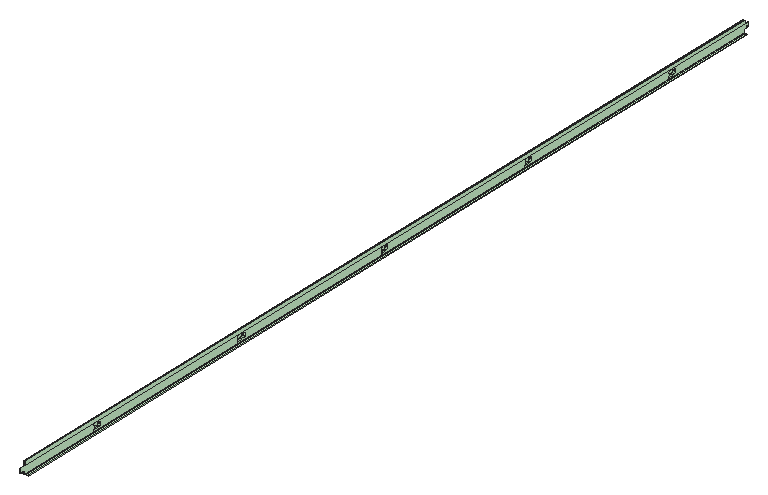
Revit family "et4025_main_640", category 機械設備, Revit 2022
Family settings
  丸型コネクタ寸法 = 直径を使用
  種別 = なし
  パーツ タイプ = 標準
  作業面ベース = いいえ
  常に垂直 = はい
  ロード時にボイドで切り取り = いいえ
  注釈の向きを維持 = いいえ
  共有 = いいえ
  部屋計算ポイント = いいえ
Parameters
  製造元 = "株式会社桐井製作所"
  既定の高さ = 0 mm
  URL = "https://www.kirii.co.jp/"
  K_長さ(mm) = 3200 mm
  K_材質 = "溶融亜鉛めっき鋼板及び鋼帯SGCC 一般用　カラー鋼板"
  K_品名 = "eTバー4025メイン(640グリッド用)"
  K_名称 = "Tバー"
  K_入数 = "20"
  K_バージョン情報 = "20220915"
  K_めっき付着量 = "JIS G 3302 Z12、カラー鋼板　塗装膜厚20μ(白色)"
  K_JIS規格 = "JIS G 3302"
Reference planes
  plane 1 "中心(正面/背面)": y = 0
  plane 2: z = 0
  plane 3 "中心(左/右)": x = 0
  plane 4: y = 3200
Forms (mm)
  Extrusion 1, solid
    sketch origin (0, 0, 7.1) x (-1, 0, 0) y (0, 0, 1)
      loop
        line (12.507, -7.1) -> (12.507, -5.1) -> (8.507, -5.1) -> (8.507, -5.9) -> (3.507, -5.9) -> (3.507, -4.3) -> (2.492, -4.3) -> (2.492, -5.1) -> (0.657, -5.1) -> (0.657, 26.3) -> (2.407, 24.9) -> (3.507, 24.9) -> (3.507, 34.9) -> (1.41, 34.9) -> (1.41, 33.4) -> (2.21, 33.4) -> (2.149, 29.141) -> (1.066, 28.059) -> (-0.91, 28) -> (-2.134, 29.141) -> (-2.195, 33.4) -> (-1.41, 33.4) -> (-1.41, 34.9) -> (-3.493, 34.9) -> (-3.493, 24.9) -> (-2.393, 24.9) -> (-0.643, 26.3) -> (-0.643, -5.1) -> (-2.492, -5.1) -> (-2.492, -4.3) -> (-3.493, -4.3) -> (-3.493, -5.9) -> (-8.493, -5.9) -> (-8.493, -5.1) -> (-12.493, -5.1) -> (-12.493, -7.1) -> (12.507, -7.1)
    from 0 to 3200
  Extrusion 2, solid
    sketch origin (0.4, 0, 30.6) x (0, 0, -1) y (0, 1, 0)
      loop
        line (3.661, 0) -> (3.661, -19.4)
        arc (3.661, -19.4) -> (3.954, -20.107) -> (4.661, -20.4) r 1
        line (4.661, -20.4) -> (16.783, -20.4)
        arc (16.783, -20.4) -> (17.49, -20.107) -> (17.783, -19.4) r 1
        line (17.783, -19.4) -> (17.783, 0) -> (17.783, 21.201) -> (3.661, 21.201) -> (3.661, 0)
    from -1.057 to 0.243
  Extrusion 3, void
    sketch origin (0.4, 0, 38.1) x (0, 0, 1) y (0, 1, 0)
      loop
        line (-17.561, -16.4) -> (-17.561, -9.2) -> (-22.361, -9.2) -> (-22.361, -16.4) -> (-17.561, -16.4)
    from -0.243 to 1.057
  Extrusion 4, void
    sketch origin (0.4, 20, 31.225) x (0, 0, 1) y (0, 1, 0)
      loop
        line (-5.5, 284.4) -> (-5.5, 315.6) -> (-23.1, 315.6) -> (-23.1, 284.4) -> (-5.5, 284.4)
    from -0.243 to 1.057
  Extrusion 5, void
    sketch origin (0.4, 660, 31.225) x (0, 0, 1) y (0, 1, 0)
      loop
        line (-5.5, 284.4) -> (-5.5, 315.6) -> (-23.1, 315.6) -> (-23.1, 284.4) -> (-5.5, 284.4)
    from -0.243 to 1.057
  Extrusion 6, void
    sketch origin (0.4, 1300, 31.225) x (0, 0, 1) y (0, 1, 0)
      loop
        line (-5.5, 284.4) -> (-5.5, 315.6) -> (-23.1, 315.6) -> (-23.1, 284.4) -> (-5.5, 284.4)
    from -0.243 to 1.057
  Extrusion 7, void
    sketch origin (0.4, 1940, 31.225) x (0, 0, 1) y (0, 1, 0)
      loop
        line (-5.5, 284.4) -> (-5.5, 315.6) -> (-23.1, 315.6) -> (-23.1, 284.4) -> (-5.5, 284.4)
    from -0.243 to 1.057
  Extrusion 8, void
    sketch origin (0.4, 2580, 31.225) x (0, 0, 1) y (0, 1, 0)
      loop
        line (-5.5, 284.4) -> (-5.5, 315.6) -> (-23.1, 315.6) -> (-23.1, 284.4) -> (-5.5, 284.4)
    from -0.243 to 1.057
  Extrusion 9, void
    sketch origin (0.4, 3199.987, 39.236) x (0, 0, 1) y (0, 1, 0)
      loop
        line (-17.561, 16.4) -> (-22.361, 16.4) -> (-22.361, 9.2) -> (-17.561, 9.2) -> (-17.561, 16.4)
    from -0.243 to 1.057
  Extrusion 10, solid
    sketch origin (0.4, 3199.855, 31.722) x (0, 0, -1) y (0, 1, 0)
      loop
        line (3.661, 0) -> (3.661, -21.201) -> (17.783, -21.201) -> (17.783, 0) -> (17.783, 19.4)
        arc (17.783, 19.4) -> (17.49, 20.107) -> (16.783, 20.4) r 1
        line (16.783, 20.4) -> (4.661, 20.4)
        arc (4.661, 20.4) -> (3.954, 20.107) -> (3.661, 19.4) r 1
        line (3.661, 19.4) -> (3.661, 0)
    from -1.057 to 0.243
  Extrusion 11, void
    sketch origin (0.385, 38.192, 31.538) x (0, 0, 1) y (0, 1, 0)
      loop
        line (-19.9, 284.4) -> (-8.7, 284.4)
        arc (-8.7, 284.4) -> (-14.3, 287.9) -> (-19.9, 284.4) r 6.23
      loop
        line (-8.7, 297.4) -> (-19.9, 297.4)
        arc (-19.9, 297.4) -> (-14.3, 293.9) -> (-8.7, 297.4) r 6.23
    from 1.2 to 3.447
  Extrusion 12, solid
    sketch origin (0.066, 38.2, -7.135) x (1, 0, 0) y (0, 0, 1)
      loop
        line (-0.387, 33.66) -> (-2.087, 33.66) -> (-2.087, 26.56)
        arc (-2.087, 26.56) -> (-3.087, 24.26) -> (-2.088, 21.96) r 3.145
        line (-2.088, 21.96) -> (-2.087, 14.46) -> (-0.387, 14.46) -> (-0.387, 15.26) -> (-1.487, 15.26) -> (-1.487, 22.238)
        arc (-1.487, 22.238) -> (-2.487, 24.267) -> (-1.476, 26.291) r 2.545
        line (-1.476, 26.291) -> (-1.476, 32.86) -> (-0.387, 32.86) -> (-0.387, 33.66)
    from -297.4 to -284.4
  Extrusion 13, void
    sketch origin (-0.415, 19.992, 31.538) x (0, 0, 1) y (0, -1, 0)
      loop
        arc (-19.9, -284.4) -> (-14.3, -287.9) -> (-8.7, -284.4) r 6.23
        line (-8.7, -284.4) -> (-19.9, -284.4)
      loop
        arc (-8.7, -297.4) -> (-14.3, -293.9) -> (-19.9, -297.4) r 6.23
        line (-19.9, -297.4) -> (-8.7, -297.4)
    from 1.2 to 3.447
  Extrusion 14, solid
    sketch origin (-0.096, 20, -7.135) x (-1, 0, 0) y (0, 0, -1)
      loop
        line (-0.387, -33.66) -> (-0.387, -32.86) -> (-1.476, -32.86) -> (-1.476, -26.291)
        arc (-1.476, -26.291) -> (-2.487, -24.267) -> (-1.487, -22.238) r 2.545
        line (-1.487, -22.238) -> (-1.487, -15.26) -> (-0.387, -15.26) -> (-0.387, -14.46) -> (-2.087, -14.46) -> (-2.088, -21.96)
        arc (-2.088, -21.96) -> (-3.087, -24.26) -> (-2.087, -26.56) r 3.145
        line (-2.087, -26.56) -> (-2.087, -33.66) -> (-0.387, -33.66)
    from -297.4 to -284.4
  Extrusion 15, void
    sketch origin (0.385, 678.192, 31.538) x (0, 0, 1) y (0, 1, 0)
      loop
        line (-19.9, 284.4) -> (-8.7, 284.4)
        arc (-8.7, 284.4) -> (-14.3, 287.9) -> (-19.9, 284.4) r 6.23
      loop
        line (-8.7, 297.4) -> (-19.9, 297.4)
        arc (-19.9, 297.4) -> (-14.3, 293.9) -> (-8.7, 297.4) r 6.23
    from 1.2 to 3.447
  Extrusion 16, solid
    sketch origin (0.066, 678.2, -7.135) x (1, 0, 0) y (0, 0, 1)
      loop
        line (-0.387, 33.66) -> (-2.087, 33.66) -> (-2.087, 26.56)
        arc (-2.087, 26.56) -> (-3.087, 24.26) -> (-2.088, 21.96) r 3.145
        line (-2.088, 21.96) -> (-2.087, 14.46) -> (-0.387, 14.46) -> (-0.387, 15.26) -> (-1.487, 15.26) -> (-1.487, 22.238)
        arc (-1.487, 22.238) -> (-2.487, 24.267) -> (-1.476, 26.291) r 2.545
        line (-1.476, 26.291) -> (-1.476, 32.86) -> (-0.387, 32.86) -> (-0.387, 33.66)
    from -297.4 to -284.4
  Extrusion 17, void
    sketch origin (-0.415, 659.992, 31.538) x (0, 0, 1) y (0, -1, 0)
      loop
        arc (-19.9, -284.4) -> (-14.3, -287.9) -> (-8.7, -284.4) r 6.23
        line (-8.7, -284.4) -> (-19.9, -284.4)
      loop
        arc (-8.7, -297.4) -> (-14.3, -293.9) -> (-19.9, -297.4) r 6.23
        line (-19.9, -297.4) -> (-8.7, -297.4)
    from 1.2 to 3.447
  Extrusion 18, solid
    sketch origin (-0.096, 660, -7.135) x (-1, 0, 0) y (0, 0, -1)
      loop
        line (-0.387, -33.66) -> (-0.387, -32.86) -> (-1.476, -32.86) -> (-1.476, -26.291)
        arc (-1.476, -26.291) -> (-2.487, -24.267) -> (-1.487, -22.238) r 2.545
        line (-1.487, -22.238) -> (-1.487, -15.26) -> (-0.387, -15.26) -> (-0.387, -14.46) -> (-2.087, -14.46) -> (-2.088, -21.96)
        arc (-2.088, -21.96) -> (-3.087, -24.26) -> (-2.087, -26.56) r 3.145
        line (-2.087, -26.56) -> (-2.087, -33.66) -> (-0.387, -33.66)
    from -297.4 to -284.4
  Extrusion 19, void
    sketch origin (0.385, 1318.192, 31.538) x (0, 0, 1) y (0, 1, 0)
      loop
        line (-19.9, 284.4) -> (-8.7, 284.4)
        arc (-8.7, 284.4) -> (-14.3, 287.9) -> (-19.9, 284.4) r 6.23
      loop
        line (-8.7, 297.4) -> (-19.9, 297.4)
        arc (-19.9, 297.4) -> (-14.3, 293.9) -> (-8.7, 297.4) r 6.23
    from 1.2 to 3.447
  Extrusion 20, solid
    sketch origin (0.066, 1318.2, -7.135) x (1, 0, 0) y (0, 0, 1)
      loop
        line (-0.387, 33.66) -> (-2.087, 33.66) -> (-2.087, 26.56)
        arc (-2.087, 26.56) -> (-3.087, 24.26) -> (-2.088, 21.96) r 3.145
        line (-2.088, 21.96) -> (-2.087, 14.46) -> (-0.387, 14.46) -> (-0.387, 15.26) -> (-1.487, 15.26) -> (-1.487, 22.238)
        arc (-1.487, 22.238) -> (-2.487, 24.267) -> (-1.476, 26.291) r 2.545
        line (-1.476, 26.291) -> (-1.476, 32.86) -> (-0.387, 32.86) -> (-0.387, 33.66)
    from -297.4 to -284.4
  Extrusion 21, void
    sketch origin (-0.415, 1299.992, 31.538) x (0, 0, 1) y (0, -1, 0)
      loop
        arc (-19.9, -284.4) -> (-14.3, -287.9) -> (-8.7, -284.4) r 6.23
        line (-8.7, -284.4) -> (-19.9, -284.4)
      loop
        arc (-8.7, -297.4) -> (-14.3, -293.9) -> (-19.9, -297.4) r 6.23
        line (-19.9, -297.4) -> (-8.7, -297.4)
    from 1.2 to 3.447
  Extrusion 22, solid
    sketch origin (-0.096, 1300, -7.135) x (-1, 0, 0) y (0, 0, -1)
      loop
        line (-0.387, -33.66) -> (-0.387, -32.86) -> (-1.476, -32.86) -> (-1.476, -26.291)
        arc (-1.476, -26.291) -> (-2.487, -24.267) -> (-1.487, -22.238) r 2.545
        line (-1.487, -22.238) -> (-1.487, -15.26) -> (-0.387, -15.26) -> (-0.387, -14.46) -> (-2.087, -14.46) -> (-2.088, -21.96)
        arc (-2.088, -21.96) -> (-3.087, -24.26) -> (-2.087, -26.56) r 3.145
        line (-2.087, -26.56) -> (-2.087, -33.66) -> (-0.387, -33.66)
    from -297.4 to -284.4
  Extrusion 23, void
    sketch origin (0.385, 1958.192, 31.538) x (0, 0, 1) y (0, 1, 0)
      loop
        line (-19.9, 284.4) -> (-8.7, 284.4)
        arc (-8.7, 284.4) -> (-14.3, 287.9) -> (-19.9, 284.4) r 6.23
      loop
        line (-8.7, 297.4) -> (-19.9, 297.4)
        arc (-19.9, 297.4) -> (-14.3, 293.9) -> (-8.7, 297.4) r 6.23
    from 1.2 to 3.447
  Extrusion 24, solid
    sketch origin (0.066, 1958.2, -7.135) x (1, 0, 0) y (0, 0, 1)
      loop
        line (-0.387, 33.66) -> (-2.087, 33.66) -> (-2.087, 26.56)
        arc (-2.087, 26.56) -> (-3.087, 24.26) -> (-2.088, 21.96) r 3.145
        line (-2.088, 21.96) -> (-2.087, 14.46) -> (-0.387, 14.46) -> (-0.387, 15.26) -> (-1.487, 15.26) -> (-1.487, 22.238)
        arc (-1.487, 22.238) -> (-2.487, 24.267) -> (-1.476, 26.291) r 2.545
        line (-1.476, 26.291) -> (-1.476, 32.86) -> (-0.387, 32.86) -> (-0.387, 33.66)
    from -297.4 to -284.4
  Extrusion 25, void
    sketch origin (-0.415, 1939.992, 31.538) x (0, 0, 1) y (0, -1, 0)
      loop
        arc (-19.9, -284.4) -> (-14.3, -287.9) -> (-8.7, -284.4) r 6.23
        line (-8.7, -284.4) -> (-19.9, -284.4)
      loop
        arc (-8.7, -297.4) -> (-14.3, -293.9) -> (-19.9, -297.4) r 6.23
        line (-19.9, -297.4) -> (-8.7, -297.4)
    from 1.2 to 3.447
  Extrusion 26, solid
    sketch origin (-0.096, 1940, -7.135) x (-1, 0, 0) y (0, 0, -1)
      loop
        line (-0.387, -33.66) -> (-0.387, -32.86) -> (-1.476, -32.86) -> (-1.476, -26.291)
        arc (-1.476, -26.291) -> (-2.487, -24.267) -> (-1.487, -22.238) r 2.545
        line (-1.487, -22.238) -> (-1.487, -15.26) -> (-0.387, -15.26) -> (-0.387, -14.46) -> (-2.087, -14.46) -> (-2.088, -21.96)
        arc (-2.088, -21.96) -> (-3.087, -24.26) -> (-2.087, -26.56) r 3.145
        line (-2.087, -26.56) -> (-2.087, -33.66) -> (-0.387, -33.66)
    from -297.4 to -284.4
  Extrusion 27, void
    sketch origin (0.385, 2598.192, 31.538) x (0, 0, 1) y (0, 1, 0)
      loop
        line (-19.9, 284.4) -> (-8.7, 284.4)
        arc (-8.7, 284.4) -> (-14.3, 287.9) -> (-19.9, 284.4) r 6.23
      loop
        line (-8.7, 297.4) -> (-19.9, 297.4)
        arc (-19.9, 297.4) -> (-14.3, 293.9) -> (-8.7, 297.4) r 6.23
    from 1.2 to 3.447
  Extrusion 28, solid
    sketch origin (0.066, 2598.2, -7.135) x (1, 0, 0) y (0, 0, 1)
      loop
        line (-0.387, 33.66) -> (-2.087, 33.66) -> (-2.087, 26.56)
        arc (-2.087, 26.56) -> (-3.087, 24.26) -> (-2.088, 21.96) r 3.145
        line (-2.088, 21.96) -> (-2.087, 14.46) -> (-0.387, 14.46) -> (-0.387, 15.26) -> (-1.487, 15.26) -> (-1.487, 22.238)
        arc (-1.487, 22.238) -> (-2.487, 24.267) -> (-1.476, 26.291) r 2.545
        line (-1.476, 26.291) -> (-1.476, 32.86) -> (-0.387, 32.86) -> (-0.387, 33.66)
    from -297.4 to -284.4
  Extrusion 29, void
    sketch origin (-0.415, 2579.992, 31.538) x (0, 0, 1) y (0, -1, 0)
      loop
        arc (-19.9, -284.4) -> (-14.3, -287.9) -> (-8.7, -284.4) r 6.23
        line (-8.7, -284.4) -> (-19.9, -284.4)
      loop
        arc (-8.7, -297.4) -> (-14.3, -293.9) -> (-19.9, -297.4) r 6.23
        line (-19.9, -297.4) -> (-8.7, -297.4)
    from 1.2 to 3.447
  Extrusion 30, solid
    sketch origin (-0.096, 2580, -7.135) x (-1, 0, 0) y (0, 0, -1)
      loop
        line (-0.387, -33.66) -> (-0.387, -32.86) -> (-1.476, -32.86) -> (-1.476, -26.291)
        arc (-1.476, -26.291) -> (-2.487, -24.267) -> (-1.487, -22.238) r 2.545
        line (-1.487, -22.238) -> (-1.487, -15.26) -> (-0.387, -15.26) -> (-0.387, -14.46) -> (-2.087, -14.46) -> (-2.088, -21.96)
        arc (-2.088, -21.96) -> (-3.087, -24.26) -> (-2.087, -26.56) r 3.145
        line (-2.087, -26.56) -> (-2.087, -33.66) -> (-0.387, -33.66)
    from -297.4 to -284.4
Cuts and joins
  Extrusion 4, Extrusion 5, Extrusion 6, Extrusion 7, Extrusion 8 cuts Extrusion 1
  Extrusion 3 cuts Extrusion 2
  Extrusion 9 cuts Extrusion 10
  Extrusion 11 cuts Extrusion 12
  Extrusion 13 cuts Extrusion 14
  Extrusion 15 cuts Extrusion 16
  Extrusion 17 cuts Extrusion 18
  Extrusion 19 cuts Extrusion 20
  Extrusion 21 cuts Extrusion 22
  Extrusion 23 cuts Extrusion 24
  Extrusion 25 cuts Extrusion 26
  Extrusion 27 cuts Extrusion 28
  Extrusion 29 cuts Extrusion 30
  joined: Extrusion 1, Extrusion 2, Extrusion 10, Extrusion 12, Extrusion 14, Extrusion 16, Extrusion 18, Extrusion 20, Extrusion 22, Extrusion 24, Extrusion 26, Extrusion 28, Extrusion 30
Dimensions and locks
  aligned and locked: level to plane 2
